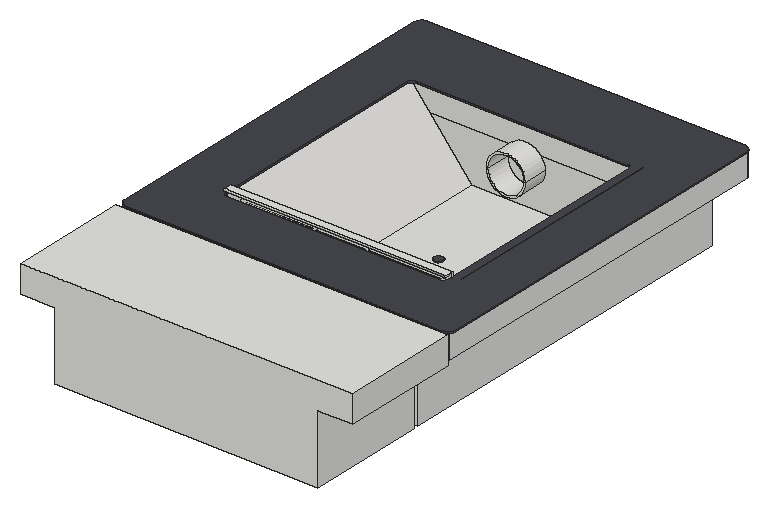
Revit family "Liv_In-Wall_Water Dispenser-Elkay-LBWD00WHC_BKC", category Plumbing Fixtures, host Face, Revit 2022
Family settings
  Host = Face
  Round Connector Dimension = Use Diameter
  Part Type = Normal
  OmniClass Number = 23.65.70.14.11
  OmniClass Title = Drinking Fountains/Coolers
  Cut with Voids When Loaded = No
  Maintain Annotation Orientation = No
  Shared = No
  Room Calculation Point = No
Parameters (values of type "LBWD00BKC (Filtered Water Dispenser Non refrigerated Midnight)")
  Width = 18.00"
  Waste Connection = no
  Voltage = 115 V
  URL = "https://www.elkay.com/us/en.html"
  Second material = Elkay-Transparent
  Repair Parts URL = "https://www.elkayfiles.com/care-cleaning-install-warranty-sheets/2000000350.pdf"
  Product data URL = "https://bimobject.com/elkay/product/LBWD00_BKC_WHC"
  Product Weight (lbs) = 25
  Product Page URL = "https://www.elkay.com/products/details/lbwd00bkc"
  Product Installation Sheet URL = "https://www.elkayfiles.com/care-cleaning-install-warranty-sheets/2000000350.pdf"
  Product Documentation Link = "https://www.elkayfiles.com/spec-sheets/lbwd00bkc_spec.pdf"
  Power Factor = 0
  Outlet connection = 1.25"
  Number of Poles = 1
  Model = "LBWD00BKC"
  Material_Front Panel = Finish-Elkay-Midnight Black
  Manufacturer Brand = "Elkay (by Zurn Elkay Water Solutions)"
  Manufacturer = "Elkay Manufacturer Company"
  Main Material = Finish-Elkay-Stainless Steel
  Length = 5.13"
  Inlet connection = 0.38"
  Height = 28.00"
  Description = "Liv®  In-Wall Filtered Water Dispenser Non-refrigerated Midnight"
  Default Elevation = 48.00"
  Date Created = "09/05/2025"  # constant formula
  Current = 0 A
  CW Connection = no
  Assembly Code = "D2010"
  Approx. Shipping Weight (lbs) = 40
  Activation Method = "Electronic Bottle Filler Sensor"
Types (3): name | Product Page URL | Product Documentation Link | Model | Material_Front Panel | Description
  (no name) | "https://www.elkay.com/products/details/lbwd00bkc" | "https://www.elkayfiles.com/spec-sheets/lbwd00bkc_spec.pdf" | "LBWD00BKC" | Finish-Elkay-Midnight Black | "Liv®  In-Wall Filtered Water Dispenser Non-refrigerated Midnight"
  LBWD00WHC ( Filtered Water Dispenser Non refrigerated Aspen White) | "https://www.elkay.com/products/details/lbwd00whc" | "https://www.elkayfiles.com/spec-sheets/lbwd00whc_spec.pdf" | "LBWD00WHC" | Finish-Elkay-Aspen White | "Liv®In-Wall Commercial Filtered Water Dispenser Non-refrigerated Aspen White"
  LBWD00BKC (Filtered Water Dispenser Non refrigerated Midnight) | "https://www.elkay.com/products/details/lbwd00bkc" | "https://www.elkayfiles.com/spec-sheets/lbwd00bkc_spec.pdf" | "LBWD00BKC" | Finish-Elkay-Midnight Black | "Liv®  In-Wall Filtered Water Dispenser Non-refrigerated Midnight"
Reference planes (in)
  plane 1 "Center (Front/Back)": y = 0
  plane 2: z = 0
  plane 3 "Center (Left/Right)": x = 0
  plane 4: x = -17.78201
  plane 5: x = 10.83353
  plane 6: z = 5.55545
  plane 7: z = 5.31587
  plane 8: x = -8.8714
  plane 9: x = -9
  plane 10: x = 9
  plane 11: x = 8.865
  plane 12: x = -6
  plane 13: x = 6
  plane 14: y = -5
  plane 15: x = -6.25
  plane 16: x = 6.25261
  plane 17: z = -0.17073
  plane 18: y = -7.1
  plane 19: y = 12.98044
  plane 20: z = 1.06641
  plane 21: x = -14.25
  plane 22: z = 2.86508
  plane 23: z = -3.8125
  plane 24: y = 2.94144
  plane 25: y = -44.05856
  plane 26: z = -1.30073
  plane 27: x = -7.7
Forms (in)
  Extrusion 1, void
    sketch origin (6.25261, -180, 18.04734) x (0, 0, -1) y (0, -1, 0)
      loop
        line (15.18226, -188.86536) -> (21.85984, -188.86536) -> (21.85984, -176.36044) -> (15.18226, -176.36044) -> (15.18226, -188.86536)
    from 0 to 12
  Extrusion 2, solid, material "Elkay-Transparent"
    sketch origin (0, 0, 0) x (1, 0, 0) y (0, 0, 1)
      loop
        circle (5.84, -2.6225) r 1
    from 7.358 to 7.47518
  Extrusion 3, solid, material "Elkay-Transparent"
    sketch origin (-40.11393, -5, 48) x (-1, 0, 0) y (0, 0, 1)
      loop
        circle (-32.41393, -49.30073) r 1
    from -2.1 to -2.1569
  Extrusion 4, solid, material "Elkay-Transparent"
    sketch origin (0.5, 0, 0) x (1, 0, 0) y (0, 1, 0)
      loop
        circle (6.25261, -6.02874) r 0.25
    from 1.01458 to 1.03135
Lines and regions (in)
  Masking region 1
    outline origin (-40.11393, -5, 48) x (-1, 0, 0) y (0, 0, 1)
      loop
        line (-31.11393, -51.91837) -> (-31.11393, -46.6772) -> (-31.11393, -46.6025) -> (-34.11393, -46.6025) -> (-34.11393, -46.36292) -> (-46.11393, -46.36292) -> (-46.11393, -46.6025) -> (-49.11393, -46.6025) -> (-49.11393, -48.08791) -> (-49.11393, -51.91837) -> (-31.11393, -51.91837)
  Masking region 2, detail levels fine
    outline origin (-40.11393, -5, 48) x (-1, 0, 0) y (0, 0, 1)
      loop
        circle (-32.41393, -49.30073) r 0.75
      loop
        circle (-45.95608, -50.62207) r 0.19
Dimensions and locks (in)
  locked: plane 6 to level at 5.55545
  locked: plane 7 to level at 5.31587
  locked: plane 5 to plane 11 at 1.96853
  plane 5 to plane 11 = 1.96853"
  locked: plane 3 "Center (Left/Right)" to plane 4 at 17.78201
  locked: plane 5 to plane 3 "Center (Left/Right)" at 10.83353
  locked: plane 3 "Center (Left/Right)" to plane 9 at 9
  locked: plane 3 "Center (Left/Right)" to plane 8 at 8.8714
  locked: plane 5 to plane 10 at 1.83353
  plane 13 to plane 3 "Center (Left/Right)" to plane 12 = 6.00" locked, 6.00" locked
  plane 15 to plane 3 "Center (Left/Right)" to plane 16 = 6.25" locked, 6.25261" locked
  locked: level to plane 17 at 0.17073
  locked: plane 1 "Center (Front/Back)" to plane 18 at 7.1
  locked: plane 14 to plane 18 at 2.1
  locked: plane 19 to plane 1 "Center (Front/Back)" at 12.98044
  locked: level to plane 23 at 3.8125
  locked: plane 23 to Extrusion 2 sketch curve at 0.19
  locked: Extrusion 2 to Extrusion 2 at 0.11718
  locked: plane 10 to Extrusion 2 sketch curve at 3.16
  locked: plane 24 to plane 25 at 47
  locked: level to plane 26 at 1.30073
  locked: plane 27 to plane 9 at 1.3
  locked: Extrusion 3 to plane 18 at 0.0569
  locked: Extrusion 4 to Extrusion 4 at 0.01677
  locked: plane 14 to Extrusion 4 sketch curve at 1.02874
  locked: plane 16 to Extrusion 4 sketch curve at 0.5
  locked: plane 16 to Masking region 2 sketch curve at 0.41046
  locked: plane 26 to Masking region 2 sketch curve at 1.32133
  aligned and locked: plane 2 to host face
  aligned and locked: level to host face
  aligned and locked: plane 19 to nested 1  (x2)
  aligned and locked: nested 1 to plane 23
  aligned and locked: Extrusion 1 sketch curve to nested 1  (x2)
  aligned and locked: plane 22 to Extrusion 1
  aligned and locked: Extrusion 1 to plane 23
  aligned and locked: nested 1 to Extrusion 2
  aligned and locked: Masking region 1 sketch curve to nested 1  (x6)
  aligned and locked: plane 12 to Masking region 1 sketch curve
  aligned and locked: nested 1 to Masking region 1 sketch curve
  aligned and locked: Masking region 1 sketch curve to plane 13
  aligned and locked: plane 26 to Extrusion 3 sketch curve
  aligned and locked: plane 27 to Extrusion 3 sketch curve
  aligned and locked: Extrusion 3 to plane 18
  aligned and locked: plane 26 to Masking region 2 sketch curve
  aligned and locked: plane 27 to Masking region 2 sketch curve
  aligned and locked: Extrusion 4 to nested 1
  aligned and locked: Masking region 1 sketch curve to plane 10
Nested families (in)
  nested 1: "LBWC00WHC" at (0, 3.64044, 1.3975) x (1, 0, 0) z (0, 1, 0), Material <- "Main Material", Material_Front Panel <- "Material_Front Panel", type "LBWC00WHC"
    with Material_Front Panel Finish-Elkay-Midnight Black, Material Finish-Elkay-Stainless Steel
Connectors (in)
  piping at (5.84, -7.47518, -2.6225), diameter 0.38, driven by "Inlet connection", driven by "CW Connection"
    settings: on Extrusion 2, index 4, connector inside diameter 24", connector length 0.00", flow factor 0, pipe flow 0 GPM, pressure drop 0.00 psi, fitting loss kfactor 0, connector angle 0.00°, fixture units 0, engagement length 0.00", angle of deflection 0.00°, flow configuration 0, flow direction 1, fitting loss method 0, system type 20, joint type 0, gender type 0, connector reference index -1, connector utility 0, adjustable connector no, is connector primary yes, connector description "Domestic Cold Water Inlet"
  piping at (-7.7, -7.1, -1.30073), diameter 1.25, driven by "Outlet connection", driven by "Waste Connection"
    settings: on Extrusion 3, index 5, connector inside diameter 24", connector length 0.00", flow factor 0, pipe flow 0 GPM, pressure drop 0.00 psi, fitting loss kfactor 0, connector angle 0.00°, fixture units 0, engagement length 0.00", angle of deflection 0.00°, flow configuration 0, flow direction 2, fitting loss method 0, system type 16, joint type 0, gender type 0, connector reference index -1, connector utility 0, adjustable connector no, is connector primary no, connector description "Sanitary Water Outlet"
  electrical at (6.75261, -6.02874, 1.03135), driven by "Number of Poles", driven by "Voltage"
    settings: on Extrusion 4, index 6, voltage 115 V, apparent load 0 VA, apparent load phase1 0 VA, apparent load phase2 0 VA, apparent load phase3 0 VA, power factor 1, load classification "Power", number of poles 1, system type 30, power factor state 1, is connector primary yes, connector utility no, sub classification motor no, connector description "GFCI Receptacle"
Definition of nested family "LBWC00WHC"
  Parameters (values of type "LBWDC00WHC")
    angle 1 = 50.1737°
    Width = 20.50"
    Thickness = 5.30616"
    Material_Front Panel [instance] = none
    Material [instance] = none
    Length = 18.00"
    Default Elevation = 48.00"
    Angle 2 = 49.9996°
  Reference planes (in)
    plane 1 "Center (Front/Back)": y = 0
    plane 2: z = -0.91
    plane 3 "Center (Left/Right)": x = 0
    plane 4: x = -9
    plane 5: z = -11.16
    plane 6: x = 9
    plane 7: z = 9.34
    plane 8: y = 5.31587
    plane 9: z = -7.24
    plane 10: z = -6.07
    plane 11: z = 4.93
    plane 12: y = 4.18794
    plane 13: y = 4.14794
    plane 14: y = 0.0747
    plane 15: z = 5.22492
    plane 16: z = 5.18492
    plane 17: x = -6
    plane 18: x = 6
    plane 19: z = -7.82654
    plane 20: z = 6.00654
    plane 21: y = 2.05587
    plane 22: y = 2.80587
    plane 23: z = 3.88098
    plane 24: x = -1.0644
    plane 25: x = -0.9644
    plane 26: x = -8.8314
    plane 27: x = 8.825
    plane 28: x = -8.8714
    plane 29: y = 5.27587
    plane 30: x = 8.785
    plane 31: y = 1.15848
    plane 32: y = 1.19848
    plane 33: x = 7.4104
    plane 34: x = -7.4104
    plane 35: z = -10.99844
    plane 36: z = 8.92174
    plane 37: y = 1.35263
    plane 38: y = 1.38853
    plane 39: z = 9.13483
    plane 40: z = 9.09893
    plane 41: y = 0.26261
    plane 42: z = 8.90544
    plane 43: z = 8.86954
    plane 44: z = 9.21544
    plane 45: z = 9.17559
    plane 46: x = 8.865
    plane 47: z = -10.95844
    plane 48: z = -7.28
    plane 49: y = -0.20304
    plane 50: y = -0.23958
    plane 51: y = -0.19981
    plane 52: y = -0.16399
    plane 53: z = -3.91668
    plane 54: z = -8.70325
    plane 55: z = -10.90216
    plane 56: z = -10.93806
    plane 57: y = 1.48541
    plane 58: z = -10.75225
    plane 59: z = -9.66918
    plane 60: x = -6.245
    plane 61: x = -3.03825
    plane 62: z = -9.06
    plane 63: z = -0.699
    plane 64: z = -11.285
    plane 65: z = -17.785
  Forms (in)
    Extrusion 1, solid, material <- "Material", detail levels fine
      sketch origin (0, 0, -0.91) x (1, 0, 0) y (0, 1, 0)
        loop
          line (-2.91865, 4.18794) -> (-6.34888, 0.0747) -> (-6.30888, 0.0747) -> (-2.91201, 4.14794) -> (2.88659, 4.14794) -> (6.30449, 0.0747) -> (6.34449, 0.0747) -> (2.89303, 4.18794) -> (-2.91865, 4.18794)
      from -6.33 to 6.13492
    Extrusion 2, solid, material <- "Material", detail levels fine
      sketch origin (0, 0, -0.91) x (1, 0, 0) y (0, 1, 0)
        loop
          line (-2.91865, 4.18794) -> (-6.34888, 0.0747) -> (6.34449, 0.0747) -> (2.89303, 4.18794) -> (-2.91865, 4.18794)
      from 6.09492 to 6.13492
    Extrusion 3, solid, material <- "Material_Front Panel", detail levels fine
      sketch origin (-25.99937, 2.05587, 48) x (-1, 0, 0) y (0, 0, 1)
        loop
          line (-20.24937, -43.07) -> (-31.74937, -43.07)
          arc (-31.74937, -43.07) -> (-31.92615, -43.14322) -> (-31.99937, -43.32) r 0.25
          line (-31.99937, -43.32) -> (-31.99937, -55.57654)
          arc (-31.99937, -55.57654) -> (-31.92615, -55.75331) -> (-31.74937, -55.82654) r 0.25
          line (-31.74937, -55.82654) -> (-20.24937, -55.82654)
          arc (-20.24937, -55.82654) -> (-20.07259, -55.75331) -> (-19.99937, -55.57654) r 0.25
          line (-19.99937, -55.57654) -> (-19.99937, -43.32)
          arc (-19.99937, -43.32) -> (-20.07259, -43.14322) -> (-20.24937, -43.07) r 0.25
        loop
          line (-17.44937, -38.66) -> (-34.54937, -38.66)
          arc (-34.54937, -38.66) -> (-34.86757, -38.7918) -> (-34.99937, -39.11) r 0.45
          line (-34.99937, -39.11) -> (-34.99937, -58.71)
          arc (-34.99937, -58.71) -> (-34.86757, -59.0282) -> (-34.54937, -59.16) r 0.45
          line (-34.54937, -59.16) -> (-17.44937, -59.16)
          arc (-17.44937, -59.16) -> (-17.13117, -59.0282) -> (-16.99937, -58.71) r 0.45
          line (-16.99937, -58.71) -> (-16.99937, -39.11)
          arc (-16.99937, -39.11) -> (-17.13117, -38.7918) -> (-17.44937, -38.66) r 0.45
      from -2.05587 to -1.98117
    Extrusion 4, solid, material <- "Material", detail levels fine
      sketch origin (0, 0, -0.91) x (1, 0, 0) y (0, 1, 0)
        loop
          line (-7.13, 5.21) -> (-7.13, 1.38853) -> (-6, 1.38853) -> (-6, 1.57853) -> (-6.94, 1.57853) -> (-6.94, 5.01814) -> (6.94, 5.01814) -> (6.94, 1.57853) -> (6, 1.57853) -> (6, 1.38853) -> (7.13, 1.38853) -> (7.13, 5.21) -> (-7.13, 5.21)
      from -10.08844 to 9.77954
    Extrusion 5, solid, material <- "Material", detail levels fine
      sketch origin (0, 0, 0) x (0, 1, 0) y (0, 0, 1)
        loop
          line (5.21, 8.90544) -> (1.42698, 8.90544)
          arc (1.42698, 8.90544) -> (1.39979, 8.9167) -> (1.38853, 8.94389) r 0.03845
          line (1.38853, 8.94389) -> (1.38853, 9.0675)
          arc (1.38853, 9.0675) -> (1.36881, 9.11511) -> (1.32121, 9.13483) r 0.06732
          line (1.32121, 9.13483) -> (0.26261, 9.13483) -> (0.26261, 9.09893) -> (1.3244, 9.09893)
          arc (1.3244, 9.09893) -> (1.34436, 9.09066) -> (1.35263, 9.07069) r 0.02824
          line (1.35263, 9.07069) -> (1.35263, 8.93711)
          arc (1.35263, 8.93711) -> (1.37242, 8.88933) -> (1.4202, 8.86954) r 0.06757
          line (1.4202, 8.86954) -> (5.21, 8.86954) -> (5.21, 8.90544)
      from -7.13 to 7.13
    Extrusion 6, solid, material <- "Material", detail levels fine
      sketch origin (-25.99937, 2.05587, 48) x (-1, 0, 0) y (0, 0, 1)
        loop
          line (-17.21808, -38.78456) -> (-34.8087, -38.78456)
          arc (-34.8087, -38.78456) -> (-34.84807, -38.80087) -> (-34.86437, -38.84023) r 0.05567
          line (-34.86437, -38.84023) -> (-34.86437, -58.99844) -> (-31.99937, -58.99844) -> (-31.99937, -42.84766)
          arc (-31.99937, -42.84766) -> (-31.98983, -42.82462) -> (-31.9668, -42.81508) r 0.03257
          line (-31.9668, -42.81508) -> (-19.80756, -42.81508)
          arc (-19.80756, -42.81508) -> (-19.76995, -42.83066) -> (-19.75437, -42.86827) r 0.05319
          line (-19.75437, -42.86827) -> (-19.75437, -58.99844) -> (-17.12797, -58.99844) -> (-17.12797, -38.87467)
          arc (-17.12797, -38.87467) -> (-17.15436, -38.81095) -> (-17.21808, -38.78456) r 0.09011
      from -1.98117 to -0.66734
    Extrusion 7, solid, material <- "Material", detail levels fine
      sketch origin (-0.04, 0, -0.91) x (1, 0, 0) y (0, 1, 0)
        loop
          line (-6.30888, 0.0747) -> (6.34449, 0.0747) -> (2.89303, 4.18794) -> (-2.87865, 4.18794) -> (-6.30888, 0.0747)
      from -6.37 to -6.33
    Extrusion 8, solid, material <- "Material", detail levels fine
      sketch origin (0, 0, 0) x (0, 1, 0) y (0, 0, 1)
        loop
          line (0.0747, -7.24) -> (-0.23958, -7.24) -> (-0.23958, -7.70059)
          arc (-0.23958, -7.70059) -> (-0.20179, -7.73839) -> (-0.16399, -7.70059) r 0.03779
          line (-0.16399, -7.70059) -> (-0.16399, -7.52105) -> (-0.20304, -7.52105) -> (-0.20304, -7.28) -> (0.0747, -7.28) -> (0.0747, -7.24)
      from -6 to 6
    Extrusion 9, void
      sketch origin (0, 0, -0.91) x (1, 0, 0) y (0, 1, 0)
        loop
          circle (0, 2.05587) r 0.5
      from -7.79325 to -5.16
    Extrusion 10, void
      sketch origin (0, 0, -0.91) x (1, 0, 0) y (0, 1, 0)
        loop
          line (-3.35425, 2.77725) -> (-3.43733, 2.67763) -> (-1.51305, 2.67763) -> (-1.51305, 2.77725) -> (-3.35425, 2.77725)
        loop
          line (-3.64736, 2.42578) -> (-3.74906, 2.30382) -> (-1.51305, 2.30382) -> (-1.51305, 2.42578) -> (-3.64736, 2.42578)
        loop
          line (-3.94453, 2.06944) -> (-4.04608, 1.94767) -> (-1.51305, 1.94767) -> (-1.51305, 2.06944) -> (-3.94453, 2.06944)
        loop
          line (-4.25029, 1.7028) -> (-4.35291, 1.57974) -> (-1.51305, 1.57974) -> (-1.51305, 1.7028) -> (-4.25029, 1.7028)
        loop
          line (-4.5585, 1.33322) -> (-4.64485, 1.22967) -> (-1.51305, 1.22967) -> (-1.51305, 1.33322) -> (-4.5585, 1.33322)
        loop
          line (-1.51305, 3.0508) -> (-1.51305, 3.13157) -> (-3.05877, 3.13157) -> (-3.12613, 3.0508) -> (-1.51305, 3.0508)
        loop
          line (-1.51305, 3.42396) -> (-1.51305, 3.47908) -> (-2.76896, 3.47908) -> (-2.81493, 3.42396) -> (-1.51305, 3.42396)
        loop
          line (3.483, 2.77725) -> (1.51305, 2.77725) -> (1.51305, 2.67763) -> (3.56237, 2.67763) -> (3.483, 2.77725)
        loop
          line (3.76303, 2.42578) -> (1.51305, 2.42578) -> (1.51305, 2.30382) -> (3.8602, 2.30382) -> (3.76303, 2.42578)
        loop
          line (4.04695, 2.06944) -> (1.51305, 2.06944) -> (1.51305, 1.94767) -> (4.14397, 1.94767) -> (4.04695, 2.06944)
        loop
          line (4.33907, 1.7028) -> (1.51305, 1.7028) -> (1.51305, 1.57974) -> (4.43711, 1.57974) -> (4.33907, 1.7028)
        loop
          line (4.63353, 1.33322) -> (1.51305, 1.33322) -> (1.51305, 1.22967) -> (4.71603, 1.22967) -> (4.63353, 1.33322)
        loop
          line (1.51305, 3.0508) -> (3.26505, 3.0508) -> (3.2007, 3.13157) -> (1.51305, 3.13157) -> (1.51305, 3.0508)
        loop
          line (1.51305, 3.42396) -> (2.96774, 3.42396) -> (2.92381, 3.47908) -> (1.51305, 3.47908) -> (1.51305, 3.42396)
        loop
          line (-1.33722, 3.47908) -> (-1.33722, 3.42396) -> (1.3477, 3.42396) -> (1.3477, 3.47908) -> (-1.33722, 3.47908)
        loop
          line (-1.31763, 3.13157) -> (-1.31763, 3.0508) -> (1.3477, 3.0508) -> (1.3477, 3.13157) -> (-1.31763, 3.13157)
        loop
          line (-1.31763, 2.77725) -> (-1.31763, 2.67763) -> (1.3477, 2.67763) -> (1.3477, 2.77725) -> (-1.31763, 2.77725)
        loop
          line (-1.31763, 2.42578) -> (-1.31763, 2.30382) -> (-0.63104, 2.30382) -> (-0.56132, 2.42578) -> (-1.31763, 2.42578)
        loop
          line (-1.31763, 2.06944) -> (-1.31763, 1.94767) -> (-0.58993, 1.94767) -> (-0.58993, 2.06944) -> (-1.31763, 2.06944)
        loop
          line (-1.31763, 1.7028) -> (-1.31763, 1.57974) -> (-0.50895, 1.57974) -> (-0.58993, 1.7028) -> (-1.31763, 1.7028)
        loop
          line (-1.31763, 1.33322) -> (-1.31763, 1.22967) -> (1.31471, 1.22967) -> (1.31471, 1.33322) -> (-1.31763, 1.33322)
        loop
          line (1.31763, 2.42578) -> (0.56132, 2.42578) -> (0.63104, 2.30382) -> (1.31763, 2.30382) -> (1.31763, 2.42578)
        loop
          line (1.31763, 2.06944) -> (0.58993, 2.06944) -> (0.58993, 1.94767) -> (1.31763, 1.94767) -> (1.31763, 2.06944)
        loop
          line (1.31763, 1.7028) -> (0.58993, 1.7028) -> (0.50895, 1.57974) -> (1.31763, 1.57974) -> (1.31763, 1.7028)
        loop
          line (-4.87607, 0.95242) -> (-4.96242, 0.84887) -> (-1.51305, 0.84887) -> (-1.51305, 0.95242) -> (-4.87607, 0.95242)
        loop
          line (-5.14363, 0.63158) -> (-5.22998, 0.52803) -> (-1.51305, 0.52803) -> (-1.51305, 0.63158) -> (-5.14363, 0.63158)
        loop
          line (-5.36498, 0.36615) -> (-5.45133, 0.26261) -> (-1.51305, 0.26261) -> (-1.51305, 0.36615) -> (-5.36498, 0.36615)
        loop
          line (-1.31763, 0.95242) -> (-1.31763, 0.84887) -> (1.31471, 0.84887) -> (1.31471, 0.95242) -> (-1.31763, 0.95242)
        loop
          line (-1.31763, 0.63158) -> (-1.31763, 0.52803) -> (1.31763, 0.52803) -> (1.31763, 0.63158) -> (-1.31763, 0.63158)
        loop
          line (-1.31597, 0.36615) -> (-1.31597, 0.26261) -> (1.31763, 0.26261) -> (1.31763, 0.36615) -> (-1.31597, 0.36615)
        loop
          line (4.93693, 0.95242) -> (1.51305, 0.95242) -> (1.51305, 0.84887) -> (5.01944, 0.84887) -> (4.93693, 0.95242)
        loop
          line (5.19256, 0.63158) -> (1.51305, 0.63158) -> (1.51305, 0.52803) -> (5.27506, 0.52803) -> (5.19256, 0.63158)
        loop
          line (5.40404, 0.36615) -> (1.51305, 0.36615) -> (1.51305, 0.26261) -> (5.48654, 0.26261) -> (5.40404, 0.36615)
      from -7.79325 to -5.16
    Extrusion 11, solid, material <- "Material", detail levels coarse+medium
      sketch origin (0, 0, -0.91) x (1, 0, 0) y (0, 1, 0)
        loop
          line (-9, 5.31587) -> (-9, 0) -> (9, 0) -> (9, 5.31587) -> (-9, 5.31587)
      from -10.25 to 10.25
    Extrusion 12, void
      sketch origin (0, 0, -0.91) x (1, 0, 0) y (0, 1, 0)
        loop
          line (-2.21117, 4.14794) -> (-7.20205, -1.83671) -> (7.15917, -1.83671) -> (2.3909, 4.14794) -> (-2.21117, 4.14794)
      from -5.16 to 5.84
    Extrusion 13, solid, material <- "Material", detail levels fine
      sketch origin (0, 0, 0) x (0, 1, 0) y (0, 0, 1)
        loop
          line (5.21, -10.95844) -> (5.21, -10.90216) -> (1.35263, -10.90216) -> (1.35263, -10.95844) -> (5.21, -10.95844)
      from -7.13 to 7.13
    Extrusion 14, solid, material <- "Material", detail levels fine
      sketch origin (0, 0, 0) x (0, 1, 0) y (0, 0, 1)
        loop
          line (1.48541, -10.99844) -> (1.48541, -10.95844) -> (0.15388, -10.95844)
          arc (0.15388, -10.95844) -> (0.12812, -10.94777) -> (0.11745, -10.92201) r 0.03643
          line (0.11745, -10.92201) -> (0.11745, -10.75225) -> (0.0747, -10.75225) -> (0.0747, -10.90837)
          arc (0.0747, -10.90837) -> (0.10108, -10.97206) -> (0.16477, -10.99844) r 0.09007
          line (0.16477, -10.99844) -> (1.48541, -10.99844)
      from -8.8314 to 8.785
    Revolve 15, solid, material <- "Material"
      sketch origin (-25.99937, 2.05587, 48) x (-1, 0, 0) y (0, 0, 1)
        loop
          line (-25.03497, -42.81508) -> (-25.03497, -44.11902) -> (-24.93497, -44.11902) -> (-24.93497, -42.81508) -> (-25.03497, -42.81508)
        axis (-25.99937, -42.81508) -> (-25.99937, -44.11902)
      angle from 0 to 360
    Extrusion 16, solid
      sketch origin (-25.99937, 2.05587, 48) x (-1, 0, 0) y (0, 0, 1)
        loop
          circle (-25.99937, -48.699) r 0.25
      from 2.07585 to 2.13207
    Extrusion 17, solid, material <- "Material"
      sketch origin (0, 0, -0.91) x (1, 0, 0) y (0, 1, 0)
        loop
          line (-9, 1.48541) -> (-9, 0) -> (9, 0) -> (9, 1.48541) -> (7.13, 1.48541) -> (7.13, 5.21) -> (-7.13, 5.21) -> (-7.13, 1.48541) -> (-9, 1.48541)
      from -16.875 to -10.375
  Cuts and joins
    Extrusion 9, Extrusion 10, Extrusion 12 cuts Extrusion 1
    Extrusion 9, Extrusion 10, Extrusion 12 cuts Extrusion 2
    joined: Extrusion 1, Extrusion 2
    Extrusion 9, Extrusion 10, Extrusion 12 cuts Extrusion 4
    Extrusion 9, Extrusion 10, Extrusion 12 cuts Extrusion 5
    joined: Extrusion 4, Extrusion 5, Extrusion 13, Extrusion 14
    Extrusion 9, Extrusion 10 cuts Extrusion 7
    joined: Extrusion 7, Extrusion 8
    Extrusion 10, Extrusion 12 cuts Extrusion 6
    Extrusion 12 cuts Extrusion 3
    Extrusion 12 cuts Extrusion 11
  Lines and regions (in)
    reference lines
      curve 1: line (-6.41118, 0, -0.91) -> (-2.91865, 4.18794, -0.91)
      curve 2: line (2.89303, 4.18794, -0.91) -> (6.40717, 0, -0.91)
      curve 3: line (-6.37118, 0, -0.91) -> (-2.87865, 4.18794, -0.91)
      curve 4: line (2.85303, 4.18794, -0.91) -> (6.36717, 0, -0.91)
      curve 5: line (-5.87013, -0.23958, -0.91) -> (-2.17781, 4.18794, -0.91)
      curve 6: line (2.35903, 4.18794, -0.91) -> (5.88666, -0.23958, -0.91)
      curve 7: line (3.44098, 1.35263, -0.91) -> (5.17286, 2.80587, -0.91)
  Dimensions and locks (in)
    equal spacing: plane 6, plane 3 "Center (Left/Right)", plane 4, locked at 9 each
    equal spacing: plane 7, level, plane 5, locked at 10.25 each
    "Width": plane 7 to plane 5
    "Length": plane 6 to plane 4
    plane 1 "Center (Front/Back)" to plane 8 = 5.31587"
    locked: plane 9 to plane 5 at 3.92
    locked: plane 11 to plane 9 at 12.17
    plane 8 to plane 12 = 1.12793"
    locked: plane 12 to plane 13 at 0.04
    locked: plane 8 to plane 12 at 1.12793
    locked: plane 1 "Center (Front/Back)" to plane 14 at 0.0747
    locked: plane 15 to plane 11 at 0.29492
    locked: plane 15 to plane 16 at 0.04
    equal spacing: plane 18, plane 3 "Center (Left/Right)", plane 17, locked at 6 each
    locked: plane 3 "Center (Left/Right)" to plane 17 at 6
    equal spacing: plane 20, level, plane 19
    level to plane 19 = 6.91654"
    locked: plane 8 to plane 21 at 3.26
    locked: plane 11 to plane 23 at 1.04902
    locked: plane 25 to plane 24 at 0.1
    locked: plane 3 "Center (Left/Right)" to plane 25 at 0.9644
    locked: plane 4 to plane 28 at 0.1286
    locked: plane 28 to plane 26 at 0.04
    locked: plane 8 to plane 29 at 0.04
    locked: plane 30 to plane 27 at 0.04
    locked: plane 32 to plane 31 at 0.04
    locked: plane 32 to plane 14 at 1.12378
    locked: plane 4 to plane 34 at 1.5896
    locked: plane 33 to plane 6 at 1.5896
    locked: plane 35 to plane 5 at 0.16156
    locked: plane 7 to plane 36 at 0.41826
    locked: plane 38 to plane 37 at 0.0359
    locked: plane 39 to plane 40 at 0.0359
    locked: plane 42 to plane 43 at 0.0359
    locked: plane 40 to plane 42 at 0.19349
    locked: plane 44 to plane 45 at 0.03985
    locked: plane 7 to plane 44 at 0.12456
    locked: plane 46 to plane 27 at 0.04
    locked: plane 6 to plane 46 at 0.135
    locked: plane 47 to plane 35 at 0.04
    locked: plane 9 to plane 48 at 0.04
    locked: plane 52 to plane 51 at 0.03581
    locked: plane 49 to plane 50 at 0.03654
    locked: plane 41 to plane 52 at 0.4266
    locked: plane 41 to plane 50 at 0.50219
    locked: plane 31 to plane 41 at 0.89588
    locked: plane 53 to plane 10 at 2.15332
    locked: plane 10 to plane 48 at 1.21
    locked: plane 56 to plane 5 at 0.22194
    locked: plane 55 to plane 56 at 0.0359
    locked: plane 58 to plane 55 at 0.14991
    locked: plane 21 to plane 57 at 0.57046
    locked: plane 22 to plane 21 at 0.75
    locked: plane 58 to plane 54 at 2.049
    locked: plane 59 to plane 58 at 1.08307
    locked: plane 19 to plane 54 at 0.87672
    locked: plane 45 to plane 43 at 0.30605
    plane 60 to plane 28 = 2.6264"
    locked: plane 34 to plane 60 at 1.1654
    plane 60 to plane 17 = 0.245"
    locked: plane 17 to plane 3 "Center (Left/Right)" at 6
    locked: plane 17 to plane 61 at 2.96175
    locked: plane 21 to plane 38 at 0.66734
    locked: plane 62 to plane 54 at 0.35675
    plane 4 to Extrusion 11 = 18.00"
    locked: plane 1 "Center (Front/Back)" to Extrusion 4 sketch curve at 5.21
    locked: cut or joined group of Extrusion 4, Extrusion 5, Extrusion 9, Extrusion 10, Extrusion 12, Extrusion 13, Extrusion 14 to cut or joined group of Extrusion 4, Extrusion 5, Extrusion 9, Extrusion 10, Extrusion 12, Extrusion 13, Extrusion 14 at 0.19186
    plane 4 to Extrusion 4 sketch curve = 1.87"
    Extrusion 4 sketch curve to plane 6 = 1.87"
    locked: cut or joined group of Extrusion 4, Extrusion 5, Extrusion 9, Extrusion 10, Extrusion 12, Extrusion 13, Extrusion 14 to plane 33 at 0.2804
    locked: plane 34 to cut or joined group of Extrusion 4, Extrusion 5, Extrusion 9, Extrusion 10, Extrusion 12, Extrusion 13, Extrusion 14 at 0.2804
    locked: plane 11 to plane 63 at 5.629
    locked: cut or joined group of Extrusion 1, Extrusion 2, Extrusion 9, Extrusion 10, Extrusion 12 to Extrusion 16 at 0.05622
    locked: plane 5 to plane 65 at 6.625
    "angle 1": angle plane 13 to curve 1
    "Angle 2": angle curve 2 to plane 13
    locked: plane 22 to curve 7 (angle 40.0004°)
    locked: cut or joined group of Extrusion 7, Extrusion 8, Extrusion 9, Extrusion 10 to curve 5 (angle 50.1737°)
    locked: cut or joined group of Extrusion 7, Extrusion 8, Extrusion 9, Extrusion 10 to curve 6 (angle 128.546°)
    aligned and locked: plane 2 to level
    aligned and locked: plane 1 "Center (Front/Back)" to curve 1
    aligned and locked: plane 12 to curve 1
    aligned and locked: plane 12 to curve 2
    aligned and locked: plane 1 "Center (Front/Back)" to curve 2
    aligned and locked: plane 1 "Center (Front/Back)" to curve 3
    aligned and locked: plane 12 to curve 3
    aligned and locked: plane 12 to curve 4
    aligned and locked: plane 1 "Center (Front/Back)" to curve 4
    aligned and locked: Extrusion 1 sketch curve to plane 12
    aligned and locked: Extrusion 1 sketch curve to plane 13
    aligned and locked: Extrusion 1 sketch curve to curve 1
    aligned and locked: Extrusion 1 sketch curve to curve 3
    aligned and locked: Extrusion 1 sketch curve to curve 2
    aligned and locked: curve 4 to Extrusion 1 sketch curve
    aligned and locked: Extrusion 1 sketch curve to plane 14  (x2)
    aligned and locked: Extrusion 1 to plane 9
    aligned and locked: plane 15 to Extrusion 1
    aligned and locked: curve 1 to Extrusion 2 sketch curve
    aligned and locked: Extrusion 2 sketch curve to plane 12
    aligned and locked: Extrusion 2 sketch curve to curve 2
    aligned and locked: plane 14 to Extrusion 2 sketch curve
    aligned and locked: plane 15 to Extrusion 2
    aligned and locked: Extrusion 2 to plane 16
    aligned and locked: Extrusion 3 sketch curve to plane 11
    aligned and locked: plane 17 to Extrusion 3 sketch curve
    aligned and locked: Extrusion 3 sketch curve to plane 18
    aligned and locked: plane 19 to Extrusion 3 sketch curve
    aligned and locked: Extrusion 3 sketch curve to plane 7
    aligned and locked: plane 4 to Extrusion 3 sketch curve
    aligned and locked: plane 5 to Extrusion 3 sketch curve
    aligned and locked: Extrusion 3 sketch curve to plane 6
    aligned and locked: plane 1 "Center (Front/Back)" to Extrusion 3
    aligned and locked: plane 14 to Extrusion 3
    aligned and locked: Extrusion 4 to plane 35
    aligned and locked: plane 43 to Extrusion 5 sketch curve
    aligned and locked: Extrusion 5 sketch curve to plane 42
    aligned and locked: plane 37 to Extrusion 5 sketch curve
    aligned and locked: Extrusion 5 sketch curve to plane 38
    aligned and locked: Extrusion 5 sketch curve to plane 39
    aligned and locked: plane 40 to Extrusion 5 sketch curve
    aligned and locked: plane 41 to Extrusion 5 sketch curve
    aligned and locked: plane 43 to Extrusion 4
    aligned and locked: Extrusion 6 sketch curve to plane 44
    aligned and locked: plane 28 to Extrusion 6 sketch curve
    aligned and locked: Extrusion 6 sketch curve to plane 46
    aligned and locked: Extrusion 6 sketch curve to plane 35  (x2)
    aligned and locked: plane 38 to Extrusion 6
    aligned and locked: Extrusion 6 to plane 14
    aligned and locked: plane 9 to Extrusion 7
    aligned and locked: Extrusion 7 to plane 48
    aligned and locked: Extrusion 7 sketch curve to cut or joined group of Extrusion 1, Extrusion 2, Extrusion 9, Extrusion 10, Extrusion 12
    aligned and locked: plane 14 to Extrusion 7 sketch curve
    aligned and locked: Extrusion 8 sketch curve to plane 9
    aligned and locked: plane 48 to Extrusion 8 sketch curve
    aligned and locked: plane 50 to Extrusion 8 sketch curve
    aligned and locked: Extrusion 8 sketch curve to plane 49
    aligned and locked: Extrusion 8 sketch curve to plane 14
    aligned and locked: plane 52 to Extrusion 8 sketch curve
    aligned and locked: Extrusion 8 to plane 17
    aligned and locked: plane 18 to Extrusion 8
    aligned and locked: plane 3 "Center (Left/Right)" to Extrusion 9 sketch curve
    aligned and locked: plane 21 to Extrusion 9 sketch curve
    aligned and locked: plane 10 to Extrusion 9
    aligned and locked: plane 22 to curve 7
    aligned and locked: plane 37 to curve 7
    aligned and locked: plane 12 to curve 5
    aligned and locked: plane 50 to curve 5
    aligned and locked: plane 12 to curve 6
    aligned and locked: plane 50 to curve 6
    aligned and locked: curve 5 to Extrusion 10 sketch curve  (x10)
    aligned and locked: Extrusion 10 sketch curve to curve 6  (x5)
    aligned and locked: curve 6 to Extrusion 10 sketch curve  (x5)
    aligned and locked: plane 10 to Extrusion 10
    aligned and locked: Extrusion 10 to plane 54
    aligned and locked: Extrusion 10 to Extrusion 9
    aligned and locked: Extrusion 11 sketch curve to plane 8
    aligned and locked: Extrusion 11 to plane 4
    aligned and locked: plane 6 to Extrusion 11
    aligned and locked: Extrusion 11 sketch curve to plane 1 "Center (Front/Back)"
    aligned and locked: Extrusion 12 sketch curve to curve 5
    aligned and locked: curve 6 to Extrusion 12 sketch curve
    aligned and locked: Extrusion 12 sketch curve to plane 13
    aligned and locked: plane 11 to cut or joined group of Extrusion 11, Extrusion 12
    aligned and locked: cut or joined group of Extrusion 11, Extrusion 12 to plane 10
    aligned and locked: plane 55 to Extrusion 13 sketch curve
    aligned and locked: Extrusion 13 sketch curve to plane 37
    aligned and locked: Extrusion 14 sketch curve to plane 35
    aligned and locked: plane 47 to Extrusion 14 sketch curve
    aligned and locked: Extrusion 14 sketch curve to plane 14
    aligned and locked: Extrusion 13 sketch curve to plane 47
    aligned and locked: plane 57 to Extrusion 14 sketch curve
    aligned and locked: plane 58 to Extrusion 14 sketch curve
    aligned and locked: Extrusion 14 to plane 26
    aligned and locked: plane 30 to Extrusion 14
    aligned and locked: plane 24 to Revolve 15 sketch curve
    aligned and locked: Revolve 15 sketch curve to plane 25
    aligned and locked: plane 23 to Revolve 15 sketch curve
    aligned and locked: Revolve 15 sketch curve to plane 16
    aligned and locked: Revolve 15 sketch curve to plane 3 "Center (Left/Right)"
    aligned and locked: cut or joined group of Extrusion 11, Extrusion 12 to plane 5
    aligned and locked: plane 7 to cut or joined group of Extrusion 11, Extrusion 12
    aligned and locked: Extrusion 5 sketch curve to cut or joined group of Extrusion 4, Extrusion 5, Extrusion 9, Extrusion 10, Extrusion 12, Extrusion 13, Extrusion 14
    aligned and locked: Extrusion 13 sketch curve to cut or joined group of Extrusion 4, Extrusion 5, Extrusion 9, Extrusion 10, Extrusion 12, Extrusion 13, Extrusion 14
    aligned and locked: Extrusion 4 sketch curve to plane 38  (x2)
    aligned and locked: Extrusion 4 sketch curve to plane 17
    aligned and locked: Extrusion 4 sketch curve to plane 18
    aligned and locked: Extrusion 5 to Extrusion 4
    aligned and locked: cut or joined group of Extrusion 4, Extrusion 5, Extrusion 9, Extrusion 10, Extrusion 12, Extrusion 13, Extrusion 14 to cut or joined group of Extrusion 4, Extrusion 5, Extrusion 9, Extrusion 10, Extrusion 12, Extrusion 13, Extrusion 14  (x2)
    aligned and locked: Extrusion 13 to Extrusion 4
    aligned and locked: plane 60 to Extrusion 6 sketch curve
    aligned and locked: Extrusion 6 sketch curve to plane 18
    aligned and locked: Extrusion 6 sketch curve to plane 16
    aligned and locked: Extrusion 17 sketch curve to cut or joined group of Extrusion 4, Extrusion 5, Extrusion 9, Extrusion 10, Extrusion 12, Extrusion 13, Extrusion 14  (x3)
    aligned and locked: Extrusion 17 sketch curve to plane 57  (x2)
    aligned and locked: plane 4 to Extrusion 17 sketch curve
    aligned and locked: Extrusion 17 sketch curve to plane 1 "Center (Front/Back)"
    aligned and locked: Extrusion 17 sketch curve to plane 6
    aligned and locked: Extrusion 17 to plane 65
    aligned and locked: plane 64 to Extrusion 17
  Automatic sketch dimensions
    Extrusion 1 sketch curve to Extrusion 1 sketch curve = 0.00644"
    Extrusion 3 sketch curve to plane 42 = 0.01544"
    Extrusion 3 sketch curve to plane 30 = 0.235"
    Extrusion 3 sketch curve to plane 18 = 0.25"  (x2)
    Extrusion 3 sketch curve to Extrusion 3 sketch curve = 0.25"
    plane 17 to Extrusion 3 sketch curve = 0.25"
    plane 26 to Extrusion 3 sketch curve = 0.2814"  (x2)
    Extrusion 5 sketch curve to plane 37 = 0.03142"
    Extrusion 5 sketch curve to Extrusion 5 sketch curve = 0.00319"
    plane 38 to Extrusion 5 sketch curve = 0.03167"
    Extrusion 5 sketch curve to Extrusion 5 sketch curve = 0.00678"
    Extrusion 6 sketch curve to plane 27 = 0.01567"
    Extrusion 6 sketch curve to plane 30 = 2.81757"
    Extrusion 6 sketch curve to plane 39 = 4.0031"
    Extrusion 6 sketch curve to Extrusion 6 sketch curve = 2.58948"
    Extrusion 7 sketch curve to plane 12 = 0.00"
    plane 3 "Center (Left/Right)" to Extrusion 7 sketch curve = 2.85303"
    plane 18 to Extrusion 7 sketch curve = 0.30449"
    plane 19 to Extrusion 8 sketch curve = 0.12594"
    Extrusion 8 sketch curve to Extrusion 8 sketch curve = 0.17954"
    plane 34 to curve 5 = 1.54027"
    curve 1 to plane 17 = 0.41118"
    curve 1 to curve 3 = 0.04"  (x2)
    curve 5 to plane 24 = 1.11341"
    plane 3 "Center (Left/Right)" to curve 6 = 2.35903"
    curve 6 to curve 4 = 0.494"
    curve 4 to curve 2 = 0.04"  (x2)
    curve 7 to plane 18 = 2.55902"
    curve 6 to plane 18 = 0.11334"
    Extrusion 10 sketch curve to plane 41 = 0.00"  (x3)
    plane 41 to Extrusion 10 sketch curve = 0.10355"
    plane 41 to Extrusion 10 sketch curve = 0.26542"
    Extrusion 10 sketch curve to Extrusion 10 sketch curve = 0.08635"  (x2)
    Extrusion 10 sketch curve to plane 31 = 0.30961"
    plane 32 to Extrusion 10 sketch curve = 0.03119"  (x3)
    Extrusion 10 sketch curve to Extrusion 10 sketch curve = 0.10262"
    Extrusion 10 sketch curve to plane 22 = 0.02862"  (x3)
    plane 22 to Extrusion 10 sketch curve = 0.24493"  (x2)
    plane 22 to Extrusion 10 sketch curve = 0.3257"  (x2)
    Extrusion 10 sketch curve to Extrusion 10 sketch curve = 0.24384"
    Extrusion 10 sketch curve to plane 13 = 0.66886"  (x2)
    Extrusion 10 sketch curve to Extrusion 10 sketch curve = 0.00"  (x18)
    Extrusion 10 sketch curve to Extrusion 10 sketch curve = 0.19542"  (x12)
    Extrusion 10 sketch curve to Extrusion 10 sketch curve = 0.17583"
    Extrusion 10 sketch curve to Extrusion 10 sketch curve = 0.00165"
    plane 25 to Extrusion 10 sketch curve = 0.33335"
    plane 21 to Extrusion 10 sketch curve = 0.01357"  (x4)
    Extrusion 10 sketch curve to Extrusion 10 sketch curve = 0.04111"
    Extrusion 10 sketch curve to Extrusion 10 sketch curve = 0.06972"  (x2)
    Extrusion 10 sketch curve to Extrusion 10 sketch curve = 0.08098"  (x3)
    plane 38 to Extrusion 10 sketch curve = 0.19121"  (x2)
    plane 3 "Center (Left/Right)" to Extrusion 10 sketch curve = 0.50895"
    plane 3 "Center (Left/Right)" to Extrusion 10 sketch curve = 0.56132"
    Extrusion 10 sketch curve to plane 21 = 0.1082"  (x4)
    Extrusion 10 sketch curve to plane 31 = 0.20607"  (x2)
    Extrusion 10 sketch curve to Extrusion 10 sketch curve = 0.80576"
    Extrusion 10 sketch curve to Extrusion 10 sketch curve = 0.68658"
    Extrusion 10 sketch curve to Extrusion 10 sketch curve = 0.00292"  (x2)
    Extrusion 10 sketch curve to Extrusion 10 sketch curve = 0.03008"
    Extrusion 10 sketch curve to Extrusion 10 sketch curve = 0.16535"  (x3)
    Extrusion 10 sketch curve to Extrusion 10 sketch curve = 0.19834"  (x2)
    Extrusion 10 sketch curve to Extrusion 10 sketch curve = 0.04392"
    Extrusion 10 sketch curve to Extrusion 10 sketch curve = 0.07937"
    Extrusion 10 sketch curve to Extrusion 10 sketch curve = 0.20067"
    Extrusion 10 sketch curve to Extrusion 10 sketch curve = 0.09717"
    plane 38 to Extrusion 10 sketch curve = 0.31427"
    Extrusion 10 sketch curve to Extrusion 10 sketch curve = 0.09804"
    Extrusion 10 sketch curve to plane 37 = 0.01941"  (x3)
    Extrusion 10 sketch curve to Extrusion 10 sketch curve = 0.0825"  (x3)
    Extrusion 10 sketch curve to Extrusion 10 sketch curve = 0.12897"
    Extrusion 10 sketch curve to Extrusion 10 sketch curve = 0.10355"  (x3)
    Extrusion 10 sketch curve to Extrusion 10 sketch curve = 0.16188"
    Extrusion 10 sketch curve to Extrusion 10 sketch curve = 0.12306"  (x2)
    Extrusion 10 sketch curve to Extrusion 10 sketch curve = 0.23438"
    Extrusion 10 sketch curve to Extrusion 10 sketch curve = 0.12196"  (x2)
    Extrusion 10 sketch curve to Extrusion 10 sketch curve = 0.09961"
    Extrusion 10 sketch curve to Extrusion 10 sketch curve = 0.08077"
    Extrusion 10 sketch curve to Extrusion 10 sketch curve = 0.05513"
    Extrusion 11 sketch curve to plane 28 = 0.1286"
    plane 46 to Extrusion 11 sketch curve = 0.135"
    plane 56 to Extrusion 14 sketch curve = 0.01605"
    plane 14 to Extrusion 14 sketch curve = 0.04275"
    Extrusion 14 sketch curve to plane 55 = 0.00621"
    plane 57 to Extrusion 10 sketch curve = 0.09433"
    plane 21 to Extrusion 10 sketch curve = 0.24795"
    plane 21 to Extrusion 10 sketch curve = 0.36991"
    Extrusion 10 sketch curve to plane 22 = 0.12824"
    Extrusion 10 sketch curve to plane 24 = 0.44866"  (x2)
    Revolve 15 sketch curve to plane 24 = 0.00"
    Revolve 15 sketch curve to plane 23 = 0.82022"
    plane 15 to Revolve 15 sketch curve = 0.33584"
    plane 34 to Extrusion 12 sketch curve = 0.20835"
    Extrusion 4 sketch curve to Extrusion 4 sketch curve = 0.19"  (x2)
    plane 57 to Extrusion 4 sketch curve = 0.09312"  (x2)
    Extrusion 4 sketch curve to plane 29 = 0.25772"
    Extrusion 16 sketch curve to plane 3 "Center (Left/Right)" = 0.00"
    Extrusion 16 sketch curve to plane 63 = 0.00"
    radius of Extrusion 9 sketch curve = 0.50"
    radius of Extrusion 16 sketch curve = 0.25"
